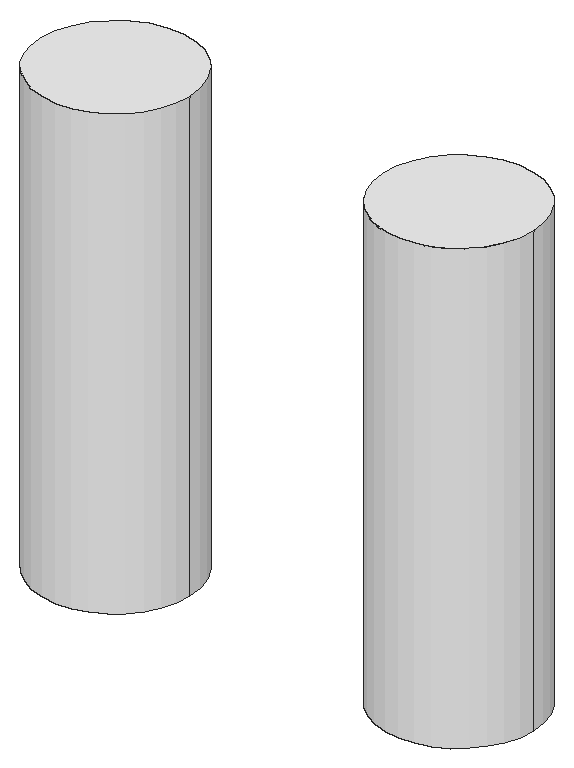
Revit family "46142009(2023)", category Plumbing Fixtures, Revit 2020
Family settings
  Round Connector Dimension = Use Diameter
  Part Type = Normal
  OmniClass Number = 23.45.55.00
  OmniClass Title = Sanitary Faucets, Wastes
  Work Plane-Based = No
  Always vertical = Yes
  Cut with Voids When Loaded = No
  Shared = No
  Room Calculation Point = No
Parameters (values of type "46142009 Kitchen faucet, 230/9 V, Bluetooth")
  Working Pressure = "50 - 1000 kPa"
  WarrantyStartDate [instance] = "n/a"
  WarrantyGuarantorParts = "n/a"
  WarrantyGuarantorLabor = "n/a"
  WarrantyDurationUnit = "Year"
  WarrantyDurationParts = "n/a"
  WarrantyDurationLabor = "n/a"
  WarrantyDescription = "http://warranty.hansa.com"
  Warranty Information URL = "http://warranty.hansa.com"
  VersionDate = "01/06/2023"
  Version = "1"
  ValvePattern = "n/a"
  ValveOperation = "n/a"
  ValveMechanism = "n/a"
  Uniclass2015Reference = "Pr_40_20_87_96"
  Uniclass2015Description = "Washbasin manual water supply sets"
  Uniclass2 = "Pr_40_30_96_96"
  URL WEEE = "http://static.hansa.com/WEEE/46142009"
  URL UWL = "http://static.hansa.com/UWL/46142009"
  URL REACH = "http://static.hansa.com/doc/reach"
  URL EcoLabel Declaration = "http://static.hansa.com/doc/EcoLabel"
  URL EU Packaging Declaration = "http://static.hansa.com/doc/packaging"
  URL Declaration of SCIP = "http://static.hansa.com/doc/SCIP"
  URL Declaration of Conformity = "http://static.hansa.com/DoC/46142009"
  URL Declaration of Asbestos = "http://static.hansa.com/doc/asbestos"
  URL Declaration Of Performance (DOP) = "http://static.hansa.com/doc/DoP"
  URL = ""
  UNSPSC Class Number = "30181700 Faucets or taps"
  TestPressure = "n/a"
  Temperature Adjustments = "Limitation option for maximum temperature and flow-rate "
  Technical DataSheet URL = "http://www.hansa.com/datasheet/46142009/en"
  TagNumber [instance] = "n/a"
  SustainabilityPerformance = "n/a"
  Surface treatment = "Chrome"
  Spout Type = "Swivel spout;Swivel range limiting option;Profile construction"
  Spout Swivel Range = "120° (80°/40°)"
  Spout Projection = "178 mm"
  Size = "55x260x340 mm"
  Shape = "Sculptured"
  SerialNumber [instance] = "n/a"
  Revision = "n/a"
  ReplacementCost = "n/a"
  Protection Class = "IP 55 / transformer IP 20"
  ProductInformation = "n/a"
  Product URL = "http://static.hansa.com/46142009"
  Product Image URL = "http://static.hansa.com/image/46142009"
  Product Family = "HANSACARE Hybrid"
  Product Code = "46142009"
  Pressure Loss With Flow 02ls = 195000.0 Pa
  OperatingMechanismMaterial = "n/a"
  Operating Voltage = 9 V
  NominalWidth = 53.956 mm
  NominalHeight = 338.336 mm
  NominalDepth = 261.5 mm
  Noise Class = "I (ISO 3822) "
  Name_en = "46142009 Kitchen faucet, 230/9 V, Bluetooth"
  Name = "46142009 Kitchen faucet, 230/9 V, Bluetooth"
  NBSReference = "45-35-70/371"
  NBSDescription = "Water supply fittings for wash basins and troughs"
  Mounting Holes = "1 hole"
  ModelReference = "46142009"
  ModelNumber = "n/a"
  Model = "46142009 Kitchen faucet, 230/9 V, Bluetooth"
  Mobile Product Information URL = "http://mpi.hansa.com/46142009"
  Mechanical Parts = "ø 40 mm ceramic cartridge for flow and temperature control"
  Max. Hot Water Supply = 70 °C
  Max Flow Period = "10 s(1 - 1800 s)"
  Material = "Brass"
  Market = "International;Germany;Austria;Switzerland;Belgium;Netherlands;Italy"
  ManufacturerURL = "http://www.hansa.com"
  ManufacturerName = "HANSA"
  Manufacturer = "HANSA"
  Long Marketing = "Care Hybrid series is giving you a whole new modern design to fit into any kitchen. Lever can easily be moved by using the backside of the hand and with our intelligent touchless functions build into same faucet it also supports hygiene operation without any touch needed."
  Lever Handle = "Single operating lever/handle;Hot/Cold symbols"
  Interactive AR View URL = "https://static.hansa.com/AR/46142009"
  InstallationDate [instance] = "n/a"
  Installation and Maintenance Guide URL = "http://static.hansa.com/manual/46142009"
  Installation Type = "Deck mounted"
  InletConnectionSize = 10 mm
  IfcExportType = "FAUCET"  # constant formula
  IfcExportAs = "IfcValveType"  # constant formula
  Group = "Kitchen faucet"
  Grade = "n/a"
  FlowCoefficient = 0
  Flow Rate At 300kPa = 0.02 L/s
  Flow Drawing URL = "http://static.hansa.com/flowchart/46142009"
  Finish = "Polished"
  Features = "Hybrid;Bluetooth®"
  FaucetMainMaterial = Brass
  FDV Document URL = "http://www.hansa.com/datasheet/46142009/en/fdv"
  ExpectedLife = "n/a"
  Electronic Parts = ";Solenoid valve;Power supply"
  Electrical Connection = "230 / 9 V"
  ETIM Class Number = "EC011431 Kitchen mixing tap"
  EN Standard = "EN 817, EN 15091"
  EMC Directive = "2014/53/EU , 2011/65/EU"
  EAN Number = "4057304019685"
  DurationUnit = "Year"
  Dimension Drawing URL = "http://static.hansa.com/dimdrw/46142009"
  Description = ""
  DefaultElevation [instance] = 900 mm
  Default Elevation = 0 mm
  Constituents = "n/a"
  Connection Size = "G3/8"
  Connection = "Flexible inlet pipes"
  Color = "Chrome"
  CodePerformance = "n/a"
  CloseOffRating = 0
  Catalog Drawing URL = "http://static.hansa.com/catdrw/46142009"
  Brand = "HANSA"
  BodyMaterial = "Brass"
  Bluetooth = "5.x (D060576)"
  Barcode [instance] = "n/a"
  Backflow Prevention EN1717 = "AA"
  BIMObjectName = "46142009(2023)"
  Automatic Flush Period = "30 s (1-1800 s)"
  Automatic Flush Frequency = "off (off/1-120 h)"
  Author = "BIMStone"
  AssetType = "Fixed"
  AssetIdentifier [instance] = "n/a"
  Aerator = "Laminar stream"
  Advanced Features = "Inner body made of DZR brass;3S-installation system for safe and simple mounting"
  AccessibilityPerformance = "n/a"
  3D View = "https://static.hansa.com/AR/46142009"
  2D/3D/BIM Files URL = "http://static.hansa.com/bim/46142009"
Reference planes
  plane 1 "Center (Front/Back)": y = 0
  plane 2: z = 0
  plane 3 "Center (Left/Right)": x = 0
  plane 4: x = -26.978
  plane 5: z = 1238.336
  plane 6: z = 900
  plane 7: z = 870
  plane 8: y = -261.5
  plane 9: x = 26.978
Forms (mm)
  Extrusion 1, solid, material "Brass" <- "FaucetMainMaterial"
    sketch origin (0, -49.095, 0) x (1, 0, 0) y (0, 1, 0)
      loop
        circle (-11.5, -22.5) r 5
      loop
        circle (11.5, -22.5) r 5
    from 870 to 900
Dimensions and locks
  "NominalHeight": plane 5 to plane 6
  "DefaultElevation": plane 6 to level
  locked: plane 6 to plane 7 at 30
  "NominalDepth": plane 8 to plane 1 "Center (Front/Back)"
  equal spacing: plane 4, plane 3 "Center (Left/Right)", plane 9
  "NominalWidth": plane 4 to plane 9
  "InletConnectionSize": diameter of Extrusion 1 sketch curve  (x2)
  aligned and locked: level to plane 2
  aligned and locked: plane 6 to Extrusion 1
  aligned and locked: Extrusion 1 to plane 7
  aligned and locked: nested 2 to plane 6
Automatic sketch dimensions
  Extrusion 1 sketch curve to plane 3 "Center (Left/Right)" = 11.5 mm
  plane 3 "Center (Left/Right)" to Extrusion 1 sketch curve = 11.5 mm
  plane 1 "Center (Front/Back)" to Extrusion 1 sketch curve = 71.595 mm
  Extrusion 1 sketch curve to Extrusion 1 sketch curve = 0 mm
Nested families
  nested 1: "Symbol" at (0, 0, 0), type "Symbol", detail levels coarse
  nested 2: "46142009(2023)_Body" at (0, 0, 900), Main <- "FaucetMainMaterial", type "46142009(2023)_Body"
    with Main Brass
Connectors
  piping at (-11.5, -71.595, 870), diameter 10, driven by "InletConnectionSize"
    settings: on Extrusion 1, index 1, connector inside diameter 609.6 mm, connector length 0 mm, flow factor 0, pipe flow 0.2 L/s, pressure drop 0.0 Pa, fitting loss kfactor 0, connector angle 0.00°, fixture units 0, engagement length 0 mm, angle of deflection 0.00°, flow configuration 1, flow direction 1, fitting loss method 0, system type 19, joint type 0, gender type 0, connector reference index -1, connector utility 0, adjustable connector no, is connector primary yes, connector description ""
  piping at (11.5, -71.595, 870), diameter 10, driven by "InletConnectionSize"
    settings: on Extrusion 1, index 2, connector inside diameter 609.6 mm, connector length 0 mm, flow factor 0, pipe flow 0.2 L/s, pressure drop 0.0 Pa, fitting loss kfactor 0, connector angle 0.00°, fixture units 0, engagement length 0 mm, angle of deflection 0.00°, flow configuration 1, flow direction 1, fitting loss method 0, system type 20, joint type 0, gender type 0, connector reference index -1, connector utility 0, adjustable connector no, is connector primary no, connector description ""
Definition of nested family "Symbol"
  Reference planes
    plane 1: y = 0
    plane 2: x = 0
  Lines and regions (mm)
    detail lines
      curve 1: line (0, 0, 0) -> (0, -1.8, 0)
      curve 2: line (-0.4, -1.1, 0) -> (0.4, -1.1, 0)
      curve 3: line (-0.4, -1.4, 0) -> (0.4, -1.4, 0)
      curve 4: line (0.863, 0, 0) -> (-0.863, 0, 0)
      curve 5: circle (-1.163, 0, 0) r 0.3 normal (0, 0, -1)
      curve 6: circle (1.163, 0, 0) r 0.3 normal (0, 0, 1)
Definition of nested family "46142009(2023)_Body"
  Parameters (values of type "5738FZ(2023)_Body")
    Main [instance] = none
    Default Elevation = 0 mm
  Reference planes
    plane 1 "Center (Front/Back)": y = 0
    plane 2: z = 0
    plane 3 "Center (Left/Right)": x = 0
    plane 4: z = 338.336
    plane 5: y = -261.5
    plane 6: x = -27
    plane 7: x = 27
  Forms (mm)
    Revolve 1, solid, material <- "Main", detail levels medium
      sketch origin (0, -45, 0) x (0, 1, 0) y (0, 0, 1)
        loop
          line (-26.857, 0) -> (-26.857, 165.574) -> (-53.714, 165.574) -> (-53.714, 0) -> (-26.857, 0)
        axis (-26.857, 165.574) -> (-26.857, 0)
      angle from 0 to 360
    Extrusion 2, solid, material <- "Main", detail levels medium
      sketch origin (0, -45, 0) x (0, 1, 0) y (0, 0, 1)
        loop
          line (-37.343, 149.489) -> (-36.299, 157.986) -> (-99.127, 163.189)
          arc (-99.127, 163.189) -> (-118.796, 167.846) -> (-136.213, 178.105) r 67.675
          line (-136.213, 178.105) -> (-139.01, 175.308)
          arc (-139.01, 175.308) -> (-125.275, 165.132) -> (-109.266, 159.135) r 61.419
          arc (-109.266, 159.135) -> (-101.039, 157.514) -> (-92.743, 156.291) r 173.617
          line (-92.743, 156.291) -> (-37.343, 149.489)
      from -50 to 50
    Extrusion 3, void
      sketch origin (0, -45, 0) x (0, 1, 0) y (0, 0, 1)
        loop
          arc (-36.299, 157.986) -> (-14.157, 153.136) -> (5.931, 142.635) r 85.455
          line (5.931, 142.635) -> (5.931, 172.635) -> (-59.069, 172.635) -> (-59.069, 159.872) -> (-36.299, 157.986)
      from -50 to 50
    Extrusion 4, void
      sketch origin (0, -45, 0) x (1, 0, 0) y (0, 1, 0)
        loop
          line (-19.159, -30) -> (-15.773, -126.955)
          arc (-15.773, -126.955) -> (-15.609, -128.313) -> (-15.215, -129.622) r 8
          arc (-15.215, -129.622) -> (-13.166, -132.589) -> (-10.023, -134.354) r 8
          arc (-10.023, -134.354) -> (0, -135.789) -> (10.023, -134.354) r 35.715
          arc (10.023, -134.354) -> (13.166, -132.589) -> (15.215, -129.622) r 8
          arc (15.215, -129.622) -> (15.609, -128.313) -> (15.773, -126.955) r 8
          line (15.773, -126.955) -> (19.159, -30) -> (-19.159, -30)
        loop
          line (-67.048, -22.41) -> (-67.048, -147.41) -> (62.952, -147.41) -> (62.952, -22.41) -> (-67.048, -22.41)
      from 127.233 to 225.432
    Revolve 5, solid, material <- "Main", detail levels medium
      sketch origin (0, 0, 0) x (0, 1, 0) y (0, 0, 1)
        loop
          line (-261.812, 206.576) -> (-249.858, 205.53) -> (-248.174, 224.767) -> (-258.158, 225.641) -> (-260.296, 223.905) -> (-261.812, 206.576)
        axis (-248.174, 224.767) -> (-249.858, 205.53)
      angle from 0 to 360
    Extrusion 6, solid, material <- "Main", detail levels medium
      sketch origin (0, 0, 0) x (1, 0, 0) y (0, 1, 0)
        loop
          line (-16.81, -55) -> (16.81, -55) -> (13.045, -11.962)
          arc (13.045, -11.962) -> (0, -0.009) -> (-13.045, -11.962) r 13.095
          line (-13.045, -11.962) -> (-16.81, -55)
      from 56.5 to 94.85
    Sweep 7, solid, material <- "Main", detail levels medium
      path origin (0, 0, 0) x (0, 1, 0) y (0, 0, 1)
        loop
          line (-13.099, 83.041) -> (-13.099, 210.188)
          arc (-13.099, 210.188) -> (-123.961, 327.969) -> (-248.231, 224.433) r 117.998
      profile origin (0, -13.099, 146.615) x (0, -1, 0) y (1, 0, 0)
        loop
          circle (0, 0) r 10
    Extrusion 8, solid, material <- "Main", detail levels coarse
      sketch origin (0, 0, 0) x (1, 0, 0) y (0, 0, 1)
        loop
          line (-27, 338.336) -> (-27, 0) -> (27, 0) -> (27, 338.336) -> (-27, 338.336)
      from 0 to 261.5
    Extrusion 9, solid, detail levels medium
      sketch origin (0, 0, 0) x (1, 0, 0) y (0, 0, 1)
        loop
          line (-7.347, 30.433) -> (-7.347, 17.833)
          arc (-7.347, 17.833) -> (-5.476, 13.307) -> (-0.956, 11.422) r 6.411
          line (-0.956, 11.422) -> (0, 11.422) -> (0.956, 11.422)
          arc (0.956, 11.422) -> (5.476, 13.307) -> (7.347, 17.833) r 6.411
          line (7.347, 17.833) -> (7.347, 30.433)
          arc (7.347, 30.433) -> (5.477, 34.966) -> (0.956, 36.864) r 6.432
          line (0.956, 36.864) -> (0, 36.864) -> (-0.956, 36.864)
          arc (-0.956, 36.864) -> (-5.477, 34.966) -> (-7.347, 30.433) r 6.432
      from 95.424 to 98.928
  Cuts and joins
    Extrusion 3 cuts Revolve 1
    Extrusion 4 cuts Extrusion 2
    joined: Revolve 1, Extrusion 2, Revolve 5, Extrusion 6
  Lines and regions (mm)
    symbolic lines, detail levels medium+fine
      curve 1: line (0, -98.189, 0) -> (0, -45, 0)
      curve 3: line (0, -46.717, 114.55) -> (0, -47.687, 114.55)
      curve 6: line (0, -45, 0) -> (0, -45, 45)
      curve 7: line (0, -98.189, 0) -> (0, -98.189, 96.98)
      curve 8: line (0, -98.189, 96.98) -> (0, -96.87, 114.55)
      curve 12: line (0, -97.014, 118.259) -> (0, -94.923, 145.26)
      curve 13: arc (0, -47.687, 114.55) -> (0, -50.162, 119.13) -> (0, -53.229, 123.336) r 38.667
      curve 14: line (0, -94.208, 118.259) -> (0, -96.436, 114.55)
      curve 15: arc (0, -46.847, 123.336) -> (0, -47.554, 136.328) -> (0, -49.884, 149.13) r 103.713
      curve 16: arc (0, -49.884, 149.13) -> (0, -65.165, 155.072) -> (0, -81.299, 157.986) r 85.455
      curve 17: line (0, -100.174, 151.678) -> (0, -137.743, 156.291)
      curve 18: arc (0, -137.743, 156.291) -> (0, -146.039, 157.514) -> (0, -154.266, 159.135) r 173.617
      curve 19: arc (0, -154.266, 159.135) -> (0, -167.831, 163.873) -> (0, -179.923, 171.632) r 61.419
      curve 20: arc (0, -94.923, 145.26) -> (0, -96.261, 149.522) -> (0, -100.174, 151.678) r 6
      curve 21: line (0, -81.299, 157.986) -> (0, -144.127, 163.189)
      curve 22: arc (0, -144.127, 163.189) -> (0, -162.161, 167.213) -> (0, -178.434, 175.965) r 67.675
      curve 23: line (0, -179.537, 175.879) -> (0, -180.103, 175.313)
      curve 24: arc (0, -179.923, 171.632) -> (0, -180.829, 173.433) -> (0, -180.103, 175.313) r 2.488
      curve 25: arc (0, -178.434, 175.965) -> (0, -179.001, 176.126) -> (0, -179.537, 175.879) r 0.851
      curve 26: line (0, -96.436, 114.55) -> (0, -96.87, 114.55)
      curve 28: line (0, -53.229, 123.336) -> (0, -46.847, 123.336)
      curve 29: line (0, -94.208, 118.259) -> (0, -97.014, 118.259)
      curve 30: line (27, 0, 0) -> (-27, 0, 0)
      curve 31: line (-26.507, 0, 88.729) -> (-24.988, 0, 114.55)
      curve 34: line (-26.507, 0, 42.35) -> (-26.507, 0, 88.729)
      curve 35: line (-26.507, 0, 42.35) -> (-27, 0, 0)
      curve 36: line (-24.493, 0, 114.55) -> (-22.278, 0, 118.237)
      curve 37: line (-24.7, 0, 118.237) -> (-22.278, 0, 118.237)
      curve 38: arc (-24.7, 0, 118.237) -> (-22.347, 0, 139.637) -> (-17.345, 0, 160.577) r 172.327
      curve 39: arc (-17.345, 0, 160.577) -> (-16.408, 0, 164.31) -> (-15.856, 0, 168.119) r 37.723
      curve 41: line (-24.493, 0, 114.55) -> (-24.988, 0, 114.55)
      curve 42: line (26.507, 0, 88.729) -> (24.988, 0, 114.55)
      curve 44: line (26.507, 0, 42.35) -> (26.507, 0, 88.729)
      curve 45: line (26.507, 0, 42.35) -> (27, 0, 0)
      curve 46: line (24.493, 0, 114.55) -> (22.278, 0, 118.237)
      curve 47: line (24.7, 0, 118.237) -> (22.278, 0, 118.237)
      curve 48: arc (24.7, 0, 118.237) -> (22.347, 0, 139.637) -> (17.345, 0, 160.577) r 172.327
      curve 49: arc (17.345, 0, 160.577) -> (16.408, 0, 164.31) -> (15.856, 0, 168.119) r 37.723
      curve 51: line (24.493, 0, 114.55) -> (24.988, 0, 114.55)
      curve 52: line (-16.368, -49.948, 0) -> (-13.045, -11.962, 0)
      curve 53: arc (18.48, -91.105, 0) -> (26.965, -70.037, 0) -> (16.368, -49.948, 0) r 27
      curve 54: line (16.368, -49.948, 0) -> (13.045, -11.962, 0)
      curve 55: arc (-13.045, -11.962, 0) -> (0, -0.009, 0) -> (13.045, -11.962, 0) r 13.095
      curve 58: arc (-15.62, -170.904, 0) -> (-14.001, -175.864, 0) -> (-9.999, -179.21, 0) r 9.453
      curve 62: arc (-9.999, -241.826, 0) -> (0, -261.5, 0) -> (9.999, -241.826, 0) r 12.378
      curve 65: line (-9.999, -179.21, 0) -> (-9.999, -241.826, 0)
      curve 68: line (-18.48, -91.105, 0) -> (-15.62, -170.904, 0)
      curve 71: arc (15.62, -170.904, 0) -> (14.001, -175.864, 0) -> (9.999, -179.21, 0) r 9.453
      curve 72: line (18.48, -91.105, 0) -> (15.62, -170.904, 0)
      curve 73: line (9.999, -179.21, 0) -> (9.999, -241.826, 0)
      curve 74: line (0, 0, 94.5) -> (0, -3.099, 94.5)
      curve 75: line (0, -32.208, 56.5) -> (0, -6.105, 56.5)
      curve 76: line (0, -261.812, 206.576) -> (0, -237.903, 204.484)
      curve 79: arc (0, -45, 45) -> (0, -40.809, 53.202) -> (0, -32.208, 56.5) r 12.865
      curve 80: arc (0, -41.504, 94.5) -> (0, -44.373, 95.674) -> (0, -45.596, 98.522) r 4.092
      curve 81: line (0, -45.596, 98.522) -> (0, -46.717, 114.55)
      curve 82: line (0, 0, 62.605) -> (0, 0, 94.5)
      curve 83: arc (0, -6.105, 56.5) -> (0, -1.788, 58.288) -> (0, 0, 62.605) r 6.105
      curve 84: line (0, -3.099, 94.5) -> (0, -3.099, 210.188)
      curve 85: line (0, -23.099, 94.5) -> (0, -23.099, 210.188)
      curve 86: arc (0, -23.099, 210.188) -> (0, -124.228, 317.967) -> (0, -238.221, 223.896) r 107.998
      curve 87: arc (0, -3.099, 210.188) -> (0, -123.356, 337.951) -> (0, -258.158, 225.641) r 127.998
      curve 88: line (0, -238.221, 223.896) -> (0, -236.387, 221.813)
      curve 89: line (0, -258.158, 225.641) -> (0, -260.296, 223.905)
      curve 90: line (0, -236.387, 221.813) -> (0, -237.903, 204.484)
      curve 91: line (0, -260.296, 223.905) -> (0, -261.812, 206.576)
      curve 93: line (0, -23.099, 94.5) -> (0, -41.504, 94.5)
      curve 94: line (-10.001, 0, 328.355) -> (-10.001, 0, 224.945)
      curve 96: arc (-15.856, 0, 168.119) -> (-14.018, 0, 172.52) -> (-10.001, 0, 175.093) r 8
      curve 98: arc (15.856, 0, 168.119) -> (14.018, 0, 172.52) -> (10.001, 0, 175.093) r 8
      curve 100: line (10.001, 0, 328.355) -> (10.001, 0, 224.945)
      curve 101: arc (10.001, 0, 328.355) -> (0, 0, 338.355) -> (-10.001, 0, 328.355) r 10.001
      curve 102: line (-12.002, 0, 209.268) -> (-12.002, 0, 222.937)
      curve 103: line (12.002, 0, 209.268) -> (12.002, 0, 222.937)
      curve 104: line (-12.002, 0, 222.937) -> (-11.412, 0, 222.937)
      curve 105: arc (-11.412, 0, 222.937) -> (-10.885, 0, 224.067) -> (-10.001, 0, 224.945) r 3.563
      curve 106: arc (11.412, 0, 222.937) -> (10.885, 0, 224.067) -> (10.001, 0, 224.945) r 3.563
      curve 107: line (-12.002, 0, 209.268) -> (-10.001, 0, 209.268)
      curve 109: line (10.001, 0, 209.268) -> (10.001, 0, 175.093)
      curve 110: line (10.001, 0, 209.268) -> (12.002, 0, 209.268)
      curve 111: line (-10.001, 0, 209.268) -> (-10.001, 0, 175.093)
      curve 114: line (11.412, 0, 222.937) -> (12.002, 0, 222.937)
      curve 119: arc (-16.368, -49.948, 0) -> (-26.965, -70.037, 0) -> (-18.48, -91.105, 0) r 27
    symbolic lines, detail levels fine
      curve 2: line (0, -45, 41.455) -> (0, -98.189, 41.455)
      curve 4: line (0, -59.099, 123.336) -> (0, -53.229, 123.336)
      curve 5: line (0, -71.127, 119.664) -> (0, -67.016, 121.58)
      curve 9: arc (0, -67.016, 121.58) -> (0, -63.154, 122.892) -> (0, -59.099, 123.336) r 18.735
      curve 10: line (0, -77.466, 118.259) -> (0, -94.208, 118.259)
      curve 11: arc (0, -71.127, 119.664) -> (0, -74.219, 118.614) -> (0, -77.466, 118.259) r 15
      curve 27: line (0, -47.687, 114.55) -> (0, -96.436, 114.55)
      curve 32: line (15.215, 0, 114.55) -> (-24.493, 0, 114.55)
      curve 33: line (-26.519, 0, 41.3) -> (26.519, 0, 41.3)
      curve 40: line (-22.278, 0, 118.237) -> (15.215, 0, 118.237)
      curve 43: line (15.215, 0, 114.55) -> (24.493, 0, 114.55)
      curve 50: line (22.278, 0, 118.237) -> (15.215, 0, 118.237)
      curve 56: line (-19.424, -64.784, 0) -> (-18.48, -91.105, 0)
      curve 57: line (-9.999, -13.134, 0) -> (-9.999, -179.21, 0)
      curve 59: arc (-9.999, -50.796, 0) -> (-16.986, -56.258, 0) -> (-19.424, -64.784, 0) r 14.339
      curve 60: line (9.999, -13.134, 0) -> (9.999, -179.21, 0)
      curve 61: arc (-9.999, -248.175, 0) -> (0, -258.174, 0) -> (9.999, -248.175, 0) r 9.999
      curve 63: line (-9.999, -241.826, 0) -> (-9.999, -248.175, 0)
      curve 64: line (9.999, -241.826, 0) -> (9.999, -248.175, 0)
      curve 66: arc (-9.999, -46.34, 0) -> (-13.306, -47.927, 0) -> (-16.368, -49.948, 0) r 27
      curve 67: arc (9.999, -13.134, 0) -> (0, -3.135, 0) -> (-9.999, -13.134, 0) r 9.999
      curve 69: line (19.424, -64.784, 0) -> (18.48, -91.105, 0)
      curve 70: arc (9.999, -50.796, 0) -> (16.986, -56.258, 0) -> (19.424, -64.784, 0) r 14.339
      curve 77: line (0, -236.387, 221.813) -> (0, -260.296, 223.905)
      curve 78: line (0, -258.158, 225.641) -> (0, -238.221, 223.896)
      curve 92: line (0, -3.099, 94.5) -> (0, -23.099, 94.5)
      curve 95: arc (-9.506, 0, 175.212) -> (0, 0, 176.182) -> (9.506, 0, 175.212) r 47.064
      curve 97: arc (-10.001, 0, 175.093) -> (-9.754, 0, 175.156) -> (-9.506, 0, 175.212) r 8
      curve 99: arc (10.001, 0, 175.093) -> (9.754, 0, 175.156) -> (9.506, 0, 175.212) r 8
      curve 108: spline (-10.001, 0, 224.922) -> (-9.268, 0, 225.13) -> (-8.062, 0, 225.318) -> (-6.443, 0, 225.475) -> (-4.494, 0, 225.594) -> (-2.315, 0, 225.668) -> (-0.018, 0, 225.693) -> (2.281, 0, 225.669) -> (4.463, 0, 225.596) -> (6.417, 0, 225.478) -> (8.043, 0, 225.322) -> (9.259, 0, 225.134) -> (10.001, 0, 224.926)
      curve 112: line (-10.001, 0, 209.268) -> (10.001, 0, 209.268)
      curve 113: line (-11.412, 0, 222.937) -> (11.412, 0, 222.937)
      curve 115: line (-17.332, 0, 151.957) -> (0, 0, 151.957)
      curve 116: arc (-19.311, 0, 153.637) -> (-18.63, 0, 152.433) -> (-17.332, 0, 151.957) r 2.006
      curve 117: line (17.332, 0, 151.957) -> (0, 0, 151.957)
      curve 118: arc (19.311, 0, 153.637) -> (18.63, 0, 152.433) -> (17.332, 0, 151.957) r 2.006
      curve 120: arc (16.368, -49.948, 0) -> (13.306, -47.927, 0) -> (9.999, -46.34, 0) r 27
      curve 121: line (-7.347, 0, 17.833) -> (-7.347, 0, 30.433)
      curve 122: line (7.347, 0, 30.433) -> (7.347, 0, 17.833)
      curve 123: line (-0.956, 0, 36.864) -> (0, 0, 36.864)
      curve 124: line (-0.956, 0, 11.422) -> (0, 0, 11.422)
      curve 125: line (0.956, 0, 36.864) -> (0, 0, 36.864)
      curve 126: line (0.956, 0, 11.422) -> (0, 0, 11.422)
      curve 127: arc (-7.347, 0, 30.433) -> (-5.477, 0, 34.966) -> (-0.956, 0, 36.864) r 6.432
      curve 128: arc (0.956, 0, 36.864) -> (5.477, 0, 34.966) -> (7.347, 0, 30.433) r 6.432
      curve 129: arc (-0.956, 0, 11.422) -> (-5.476, 0, 13.307) -> (-7.347, 0, 17.833) r 6.411
      curve 130: arc (7.347, 0, 17.833) -> (5.476, 0, 13.307) -> (0.956, 0, 11.422) r 6.411
  Dimensions and locks
    aligned and locked: level to plane 2
